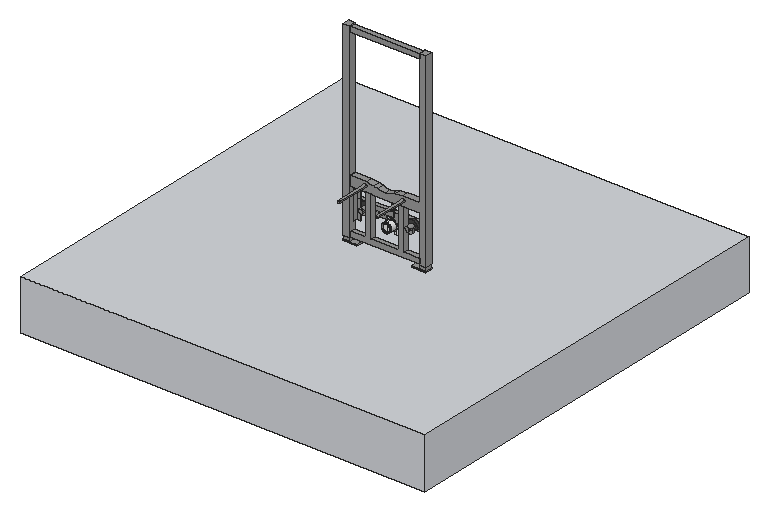
Revit family "Multibrand_Prosys_R0162_BIM_DE", category Plumbing Fixtures, host Face, Revit 2017
Family settings
  Host = Face
  Round Connector Dimension = Use Diameter
  Part Type = Normal
  OmniClass Number = 23.45.05.21.11.11
  OmniClass Title = Water Operated Water Closets
  Cut with Voids When Loaded = No
  Shared = Yes
  Room Calculation Point = No
Parameters (values of type "R016067 - PROSYS BIDET FRAME")
  Wisselstukken = "n/a"
  Werkdruk = "n/a"
  WaterEfficientProduct = no
  WaarborgGarantieInstallatie = "n/a"
  WRAS = no
  WFU = 0
  Vorm = "n/a"
  Volumeunits = "Litres"
  Verwachtelevensduur = "5"
  Vervangingskosten = 0
  Versie = "1"
  ValutaEenheid = "n/a"
  Urlproducent = "https://www.idealstandard.de/de/products"
  UrinoirType = "n/a"
  Uniclass2015Referentie = "Pr_40_20_93_97"
  Uniclass2015Reference = "n/a"
  Uniclass2015Description = "WC cistern fittings"
  Uniclass2015Beschrijving = "n/a"
  Uniclass2 = "Pr_40_20_93_89"
  URL = "https://www.idealstandard.de/de/products"
  Typewastafel = "n/a"
  TypespoelingWC = "n/a"
  Typekraanwerk = "n/a"
  Typeconnectie = "n/a"
  Typebad = "n/a"
  TypeWC = "n/a"
  Type Comments = "n/a"
  Toepassing = ""
  Testdruk = "n/a"
  Telefoonnummer = "+49 (0) 6571 16 0"
  Sluitingspatroon = "n/a"
  Revision = "n/a"
  Revisie = "n/a"
  Referentie = ""
  Productinformatie = "https://www.idealstandard.de/profibereich"
  ProductSoort = ""
  Overloop = 0 mm
  OppervlakteEenheid = "mm"
  OppervlakteAfmeting = "n/a"
  Ophangingwastafel = "n/a"
  Normen = "n/a"
  Nettogewicht = 6
  NBSTypeID = "n/a"
  NBSReference = "45-30-70/387"
  NBSOfficeMasterTag = "n/a"
  NBSNote = "n/a"
  NBSDescription = "WC cistern fittings"
  NBSCertification = "n/a"
  Montageinstuctie = "https://www.idealstandard.de/profibereich"
  Model = "R016067"
  Merk = "Ideal Standard"
  MateriaalWC = "n/a"
  MateriaalUrinoir = "n/a"
  Materiaal = "Metal"
  Manufacturer = "Productinfo@thebluebook.co.uk"
  Lengte = 0 mm
  Legs_Outside [instance] = no
  Legs_Inside [instance] = yes
  Legs_Backside [instance] = no
  Kwaliteitsgraad = "n/a"
  Kleurwc = "n/a"
  KleurUrinoir = "n/a"
  Kleur = "White"
  Klepmechanisme = "n/a"
  Keynote = "n/a"
  Installatieinstructies = "https://www.idealstandard.de/profibereich"
  Hulp = "https://www.idealstandard.de/unternehmen"
  Hoogte = ""
  HeightAdjustment [instance] = if(Height < 0 mm, 0 mm, (if(Height > 200 mm, 200 mm, Height)))  # 20 mm
  Height [instance] = 20 mm
  Heefthandvaten = no
  HWFU = 0
  GrootteAfvoergat = 0
  GemaaktOp = "n/a"
  Garantieunits = "Year"
  Garantieonderdelen = "n/a"
  GarantieduurInstallatie = "n/a"
  Functiekraanwerk = "n/a"
  Functieindoucheruimte = "n/a"
  Eigenschappen = "n/a"
  ECA = no
  Duurzaamheid = "n/a"
  DuurEenheid = "year"
  Douchebak = no
  Doorstromingscoëfficiënt = "n/a"
  Distributeur = "n/a"
  DikteMateriaal = "n/a"
  Diepte = 0 mm
  Description = ""
  Default Elevation = 0 mm
  Debiet = ""
  Cost = 0
  CWFU = 0
  BrutoGewicht = 0
  Breedte = 0
  BimObjectNaam = "Multibrand_Ideal Standard_WC cistern fittings_Prosys_R016067"
  Bestanddelen = "n/a"
  Beschrijvinggarantie = "Manufacturers Warranty"
  Beschrijvingdouchekop = "n/a"
  BeschrijvingBovenkantKraan = "n/a"
  Bedieningkraanwerk = "n/a"
  Bedieningkraan = "n/a"
  Barrièrevrijwonen = "n/a"
  Barcode = "3391500580930"
  BREEAMApproved = no
  Auteur = "Ideal Standrad"
  Assembly Code = "C1030200"
  Artikelreferentie = "1"
  Artikelomschrijving = "Urinal-Element PROSYS, universal"
  Artikelnummer = "R016067"
  Afwerking = "White"
  AfstandsEenheid = "millimeters"
  AfsluitNiveau = "n/a"
  Afmetingen = "500 x 127 x 127 mm"
  AccessibilityPerformance = "n/a"
  Accesoires = ""
Reference planes
  plane 1 "Center (Front/Back)": y = 0
  plane 2: z = 0
  plane 3 "Center (Left/Right)": x = 0
  plane 4: y = 0
  plane 5: z = 0
  plane 6: z = 27.7
  plane 7: z = 7.7
  plane 8: y = 140.986
Forms (mm)
  Extrusion 1, solid
    sketch origin (0, 0, 0) x (1, 0, 0) y (0, 1, 0)
      loop
        line (-1219.2, 1219.2) -> (-1219.2, -1219.2) -> (1219.2, -1219.2) -> (1219.2, 1219.2) -> (-1219.2, 1219.2)
    from 0 to -304.8
  Extrusion 2, solid, material "Stainless Steel, Brushed", visible <- "Legs_Inside"
    sketch origin (-0.117, 0, 0) x (1, 0, 0) y (0, 1, 0)
      loop
        line (249.7, 0) -> (249.7, 43.986) -> (163.249, 43.986) -> (163.249, 0) -> (249.7, 0)
      loop
        line (-249.7, 0) -> (-163.249, 0) -> (-163.249, 43.986) -> (-249.7, 43.986) -> (-249.7, 0)
    from 0 to 7.7
  Extrusion 3, solid, material "Stainless Steel, Brushed"
    sketch origin (-0.117, 0, 7.7) x (1, 0, 0) y (0, 1, 0)
      loop
        line (247.5, 39.486) -> (212.5, 39.486) -> (212.5, 4.486) -> (247.5, 4.486) -> (247.5, 39.486)
      loop
        line (-247.5, 39.486) -> (-247.5, 4.486) -> (-212.5, 4.486) -> (-212.5, 39.486) -> (-247.5, 39.486)
    from -7.7 to 20
  Extrusion 4, solid, material "Stainless Steel, Brushed", visible <- "Legs_Outside"
    sketch origin (459.754, 0, 0) x (1, 0, 0) y (0, 1, 0)
      loop
        line (-249.7, 0) -> (-163.249, 0) -> (-163.249, 43.986) -> (-249.7, 43.986) -> (-249.7, 0)
    from 0 to 7.7
  Extrusion 5, solid, material "Stainless Steel, Brushed", visible <- "Legs_Outside"
    sketch origin (-46.697, 0, 0) x (1, 0, 0) y (0, 1, 0)
      loop
        line (-249.7, 0) -> (-163.249, 0) -> (-163.249, 43.986) -> (-249.7, 43.986) -> (-249.7, 0)
    from 0 to 7.7
  Extrusion 6, solid, material "Stainless Steel, Brushed", visible <- "Legs_Backside"
    sketch origin (-205.96, 249.7, 0) x (0, 1, 0) y (-1, 0, 0)
      loop
        line (-249.7, 0) -> (-163.249, 0) -> (-163.249, 43.986) -> (-249.7, 43.986) -> (-249.7, 0)
    from 0 to 7.7
  Extrusion 7, solid, material "Stainless Steel, Brushed", visible <- "Legs_Backside"
    sketch origin (250.054, 249.7, 0) x (0, 1, 0) y (-1, 0, 0)
      loop
        line (-249.7, 0) -> (-163.249, 0) -> (-163.249, 43.986) -> (-249.7, 43.986) -> (-249.7, 0)
    from 0 to 7.7
Dimensions and locks
  locked: plane 7 to Extrusion 1 at 7.7
  "HeightAdjustment": plane 6 to plane 7
  nested 1 to Extrusion 1 = 1169.7 mm
  nested 1 to nested 1 = 500 mm
  plane 8 to nested 1 = 140.986 mm
  aligned and locked: plane 2 to Extrusion 1
  aligned and locked: level to Extrusion 1
  aligned and locked: plane 6 to Extrusion 3
  aligned and locked: plane 3 "Center (Left/Right)" to nested 1
  aligned and locked: Extrusion 3 to Extrusion 1
Automatic sketch dimensions
  Extrusion 1 sketch curve to Extrusion 1 sketch curve = 2438.4 mm  (x2)
  plane 1 "Center (Front/Back)" to Extrusion 2 sketch curve = 0 mm  (x2)
  Extrusion 2 sketch curve to plane 1 "Center (Front/Back)" = 43.986 mm
  Extrusion 2 sketch curve to plane 3 "Center (Left/Right)" = 249.817 mm
  Extrusion 2 sketch curve to Extrusion 2 sketch curve = 86.452 mm  (x2)
  plane 3 "Center (Left/Right)" to Extrusion 2 sketch curve = 163.132 mm
  Extrusion 2 sketch curve to Extrusion 2 sketch curve = 43.986 mm
  Extrusion 3 sketch curve to Extrusion 2 = 2.2 mm  (x2)
  Extrusion 3 sketch curve to Extrusion 2 = 4.486 mm  (x2)
  Extrusion 3 sketch curve to Extrusion 3 sketch curve = 35 mm
  Extrusion 3 sketch curve to Extrusion 2 = 4.5 mm  (x2)
  Extrusion 3 sketch curve to Extrusion 2 = 37.2 mm
  plane 1 "Center (Front/Back)" to Extrusion 4 sketch curve = 0 mm
  Extrusion 4 sketch curve to plane 1 "Center (Front/Back)" = 43.986 mm
  plane 3 "Center (Left/Right)" to Extrusion 4 sketch curve = 210.054 mm
  Extrusion 4 sketch curve to Extrusion 4 sketch curve = 86.452 mm
  plane 1 "Center (Front/Back)" to Extrusion 5 sketch curve = 0 mm
  Extrusion 5 sketch curve to plane 1 "Center (Front/Back)" = 43.986 mm
  Extrusion 5 sketch curve to plane 3 "Center (Left/Right)" = 296.398 mm
  Extrusion 5 sketch curve to Extrusion 5 sketch curve = 86.452 mm
  plane 1 "Center (Front/Back)" to Extrusion 6 sketch curve = 0 mm
  Extrusion 6 sketch curve to plane 8 = 54.534 mm
  Extrusion 6 sketch curve to plane 3 "Center (Left/Right)" = 205.96 mm
  Extrusion 6 sketch curve to Extrusion 6 sketch curve = 43.986 mm
  plane 1 "Center (Front/Back)" to Extrusion 7 sketch curve = 0 mm
  Extrusion 7 sketch curve to plane 8 = 54.534 mm
  plane 3 "Center (Left/Right)" to Extrusion 7 sketch curve = 250.054 mm
  Extrusion 7 sketch curve to Extrusion 7 sketch curve = 43.986 mm
Nested families
  nested 1: "Multibrand_Prosys_R0162_BIM_frame" at (0, 0, 27.7), type "Multibrand_Prosys_R0162_BIM_frame"
Connectors
  piping at (0.054, 115.986, 78.6), diameter 50
    settings: on nested 1, index 1, connector inside diameter 24", connector length 0 mm, flow factor 0, pipe flow 0 GPM, pressure drop 0.00 psi, fitting loss kfactor 0, connector angle 0.00°, fixture units 0, engagement length 0 mm, angle of deflection 0.00°, flow configuration 2, flow direction 2, fitting loss method 0, system type 16, joint type 0, gender type 0, connector reference index -1, connector utility 0, adjustable connector no, is connector primary yes, connector description ""
Definition of nested family "Multibrand_Prosys_R0162_BIM_frame"
  Parameters (values of type "Multibrand_Prosys_R0162_BIM_frame")
    Default Elevation = 1219.2 mm
  Reference planes
    plane 1 "Center (Front/Back)": y = 0
    plane 2: z = 0
    plane 3 "Center (Left/Right)": x = 0
  Forms (mm)
    Extrusion 1, solid
      sketch origin (0, 0, 0) x (1, 0, 0) y (0, 1, 0)
        loop
          line (-1219.2, 1219.2) -> (-1219.2, -1219.2) -> (1219.2, -1219.2) -> (1219.2, 1219.2) -> (-1219.2, 1219.2)
      from 0 to -304.8
    Extrusion 2, solid
      sketch origin (30.534, 1.986, 0) x (0, 0, -1) y (-1, 0, 0)
        loop
          line (0, 280.48) -> (-1142, 280.48) -> (-1142, 240.48) -> (-337, 240.48) -> (-337, 140.48)
          arc (-337, 140.48) -> (-335.141, 116.705) -> (-329.611, 93.507) r 153
          line (-329.611, 93.507) -> (-323.343, 74.075)
          arc (-323.343, 74.075) -> (-318.21, 52.546) -> (-316.485, 30.48) r 142
          arc (-316.485, 30.48) -> (-318.21, 8.414) -> (-323.343, -13.115) r 142
          line (-323.343, -13.115) -> (-329.611, -32.547)
          arc (-329.611, -32.547) -> (-335.141, -55.745) -> (-337, -79.52) r 153
          line (-337, -79.52) -> (-337, -179.52) -> (-1142, -179.52) -> (-1142, -219.52) -> (0, -219.52) -> (0, -179.52) -> (-280, -179.52) -> (-280, 30.48) -> (-280, 240.48) -> (0, 240.48) -> (0, 280.48)
      from 0 to 40
    Extrusion 3, void
      sketch origin (0.054, 4.986, 316.5) x (1, 0, 0) y (0, 0, -1)
        loop
          arc (-44.517, -3.987) -> (-22.532, 1.254) -> (0, 3.015) r 145
          arc (0, 3.015) -> (22.532, 1.254) -> (44.517, -3.987) r 145
          line (44.517, -3.987) -> (63.948, -10.256)
          arc (63.948, -10.256) -> (86.691, -15.678) -> (110, -17.5) r 150
          line (110, -17.5) -> (210, -17.5) -> (210, 33.5) -> (0, 33.5) -> (-210, 33.5) -> (-210, -17.5) -> (-110, -17.5)
          arc (-110, -17.5) -> (-86.691, -15.678) -> (-63.948, -10.256) r 150
          line (-63.948, -10.256) -> (-44.517, -3.987)
      from 0 to 63.052
    Extrusion 4, solid
      sketch origin (30.534, 1.986, 0) x (0, 0, 1) y (-1, 0, 0)
        loop
          line (280, -54.52) -> (35, -54.52) -> (35, 115.48) -> (280, 115.48) -> (280, 145.48) -> (35, 145.48) -> (35, 240.48) -> (5, 240.48) -> (5, -179.52) -> (35, -179.52) -> (35, -84.52) -> (280, -84.52) -> (280, -54.52)
      from 0 to -30
    Extrusion 5, solid
      sketch origin (0.054, -1524, -9.8) x (0, 1, 0) y (0, 0, 1)
        loop
          line (1527.986, 1149.8) -> (1555.986, 1149.8) -> (1555.986, 1151.8) -> (1525.986, 1151.8) -> (1525.986, 1121.8) -> (1527.986, 1121.8) -> (1527.986, 1149.8)
      from -210 to 210
    Extrusion 6, solid
      sketch origin (-209.946, 1.986, 1209.4) x (-1, 0, 0) y (0, 0, 1)
        loop
          circle (-94.922, -894.354) r 6.503
        loop
          circle (-325.078, -894.354) r 6.503
      from 0 to -200.492
    Extrusion 7, solid
      sketch origin (0.054, -1524, -9.8) x (0, 1, 0) y (0, 0, 1)
        loop
          line (1600.986, 200.3) -> (1600.986, 201.8) -> (1575.986, 201.8) -> (1575.986, 151.8) -> (1577.486, 151.8) -> (1577.486, 200.3) -> (1600.986, 200.3)
      from -206.5 to 206.5
    Extrusion 8, void
      sketch origin (0.054, 51.986, 192) x (0, 0, 1) y (1, 0, 0)
        loop
          line (-21.75, -175) -> (-21.75, -20)
          arc (-21.75, -20) -> (-25, -16.75) -> (-28.25, -20) r 3.25
          line (-28.25, -20) -> (-28.25, -175)
          arc (-28.25, -175) -> (-25, -178.25) -> (-21.75, -175) r 3.25
        loop
          line (-50, 30) -> (-50, -30)
          arc (-50, -30) -> (-32.185, -19.387) -> (-24.827, 0) r 31.5
          arc (-24.827, 0) -> (-32.185, 19.387) -> (-50, 30) r 31.5
        loop
          arc (-21.75, 175) -> (-25, 178.25) -> (-28.25, 175) r 3.25
          line (-28.25, 175) -> (-28.25, 20)
          arc (-28.25, 20) -> (-25, 16.75) -> (-21.75, 20) r 3.25
          line (-21.75, 20) -> (-21.75, 175)
      from 0 to 12.851
    Extrusion 9, solid
      sketch origin (210.054, -30.48, 79) x (1, 0, 0) y (0, 1, 0)
        loop
          line (-418.5, 83.966) -> (-395, 83.966) -> (-395, 85.466) -> (-420, 85.466) -> (-420, 60.466) -> (-418.5, 60.466) -> (-418.5, 83.966)
        loop
          line (-1.5, 83.966) -> (-1.5, 60.466) -> (0, 60.466) -> (0, 85.466) -> (-25, 85.466) -> (-25, 83.966) -> (-1.5, 83.966)
      from 0 to 200
    Revolve 10, solid
      sketch origin (0.054, -1524, -9.8) x (0, 1, 0) y (0, 0, 1)
        loop
          line (1539.986, 130.7) -> (1636.94, 130.7) -> (1636.94, 158.678) -> (1539.986, 158.678) -> (1539.986, 130.7)
        axis (1539.986, 130.7) -> (1636.94, 130.7)
      angle from 0 to 360
    Revolve 11, solid
      sketch origin (0.054, -1524, -9.8) x (0, 1, 0) y (0, 0, 1)
        loop
          line (1639.986, 60.7) -> (1639.986, 131.634) -> (1614.986, 131.634) -> (1614.986, 60.7) -> (1639.986, 60.7)
        axis (1639.986, 60.7) -> (1639.986, 131.634)
      angle from 0 to 360
    Revolve 12, solid
      sketch origin (0.054, -1524, -9.8) x (0, 1, 0) y (0, 0, 1)
        loop
          line (1637.008, 158.678) -> (1637.008, 102.722)
          arc (1637.008, 102.722) -> (1664.986, 130.7) -> (1637.008, 158.678) r 27.978
        axis (1637.008, 158.678) -> (1637.008, 102.722)
      angle from 0 to 360
    Revolve 13, solid
      sketch origin (0.054, -1524, -9.8) x (0, 1, 0) y (0, 0, 1)
        loop
          line (1539.986, 159.238) -> (1537.537, 159.238) -> (1535.986, 157.686) -> (1535.986, 154.34) -> (1539.986, 154.34) -> (1539.986, 159.238)
        axis (1535.986, 130.7) -> (1539.986, 130.7)
      angle from 0 to 360
    Revolve 14, solid
      sketch origin (0.054, -1524, -9.8) x (0, 1, 0) y (0, 0, 1)
        loop
          line (1602.736, 158.566) -> (1602.736, 161.5) -> (1596.736, 161.5) -> (1596.736, 163.441) -> (1594.236, 163.441) -> (1594.236, 160.687) -> (1587.29, 160.687) -> (1587.29, 161.5) -> (1578.986, 161.5) -> (1578.986, 163.441) -> (1576.736, 163.441) -> (1576.736, 158.566) -> (1602.736, 158.566)
        axis (1576.736, 130.7) -> (1602.736, 130.7)
      angle from 0 to 360
    Extrusion 15, solid
      sketch origin (0.054, 76.986, 190.5) x (-1, 0, 0) y (0, 1, 0)
        loop
          line (-3.753, -3.5) -> (-7.506, -10) -> (-3.753, -16.5) -> (3.753, -16.5) -> (7.506, -10) -> (3.753, -3.5) -> (-3.753, -3.5)
      from 25 to 39.468
    Extrusion 16, solid
      sketch origin (0.054, 76.986, 190.5) x (-1, 0, 0) y (0, 1, 0)
        loop
          circle (0, -10) r 5
      from -47.367 to 26.75
    Extrusion 17, solid
      sketch origin (0.054, 76.986, 190.5) x (-1, 0, 0) y (0, 1, 0)
        loop
          line (-3.753, -3.5) -> (-7.506, -10) -> (-3.753, -16.5) -> (3.753, -16.5) -> (7.506, -10) -> (3.753, -3.5) -> (-3.753, -3.5)
      from -10 to -1.5
    Extrusion 18, solid
      sketch origin (0.265, 51.986, 173.672) x (0, 0, 1) y (-1, 0, 0)
        loop
          line (-12.925, 110) -> (-3.422, 110)
          arc (-3.422, 110) -> (26.578, 140) -> (-3.422, 170) r 30
          line (-3.422, 170) -> (-12.925, 170) -> (-15.922, 153) -> (-3.422, 153)
          arc (-3.422, 153) -> (9.578, 140) -> (-3.422, 127) r 13
          line (-3.422, 127) -> (-15.922, 127) -> (-12.925, 110)
        loop
          line (-12.925, -110) -> (-15.922, -127) -> (-3.422, -127)
          arc (-3.422, -127) -> (9.578, -140) -> (-3.422, -153) r 13
          line (-3.422, -153) -> (-15.922, -153) -> (-12.925, -170) -> (-3.422, -170)
          arc (-3.422, -170) -> (26.578, -140) -> (-3.422, -110) r 30
          line (-3.422, -110) -> (-12.925, -110)
      from 0 to 13
    Extrusion 19, solid
      sketch origin (0.265, 51.986, 173.672) x (0, 0, 1) y (-1, 0, 0)
        loop
          circle (-3.422, 140) r 13
        loop
          circle (-3.422, -140) r 13
      from 0 to 52.931
    Extrusion 20, solid
      sketch origin (-126.735, -17.534, 170.25) x (-1, 0, 0) y (0, -1, 0)
        loop
          circle (12.988, -45.628) r 11.034
        loop
          circle (-266.988, -45.628) r 11.034
      from 0 to -30.211
  Cuts and joins
    Extrusion 3 cuts Extrusion 2
    Extrusion 8 cuts Extrusion 7
  Dimensions and locks
    aligned and locked: plane 2 to Extrusion 1
    aligned and locked: level to Extrusion 1
